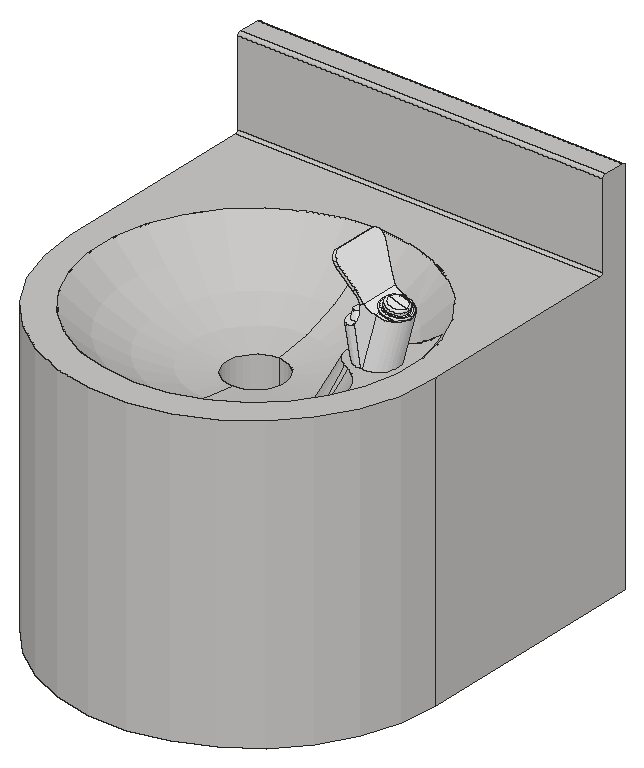
Revit family "rba-bim-rba8901-102", category Plumbing Fixtures, Revit 2018
Family settings
  Round Connector Dimension = Use Diameter
  Part Type = Normal
  Work Plane-Based = No
  Always vertical = Yes
  Cut with Voids When Loaded = No
  Shared = No
  Room Calculation Point = No
Parameters (values of type "RBA8901-102")
  URL = "www.rba.com.au"
  Modified Issue = "20210726.01"
  Height = 320.000 mm
  Model = "RBA8901-102"
  Manufacturer = "RBA Group"  # constant formula
  Description = "Watermarked Lead-Free Drinking Fountain"
  Copyright by = "RBA Group"  # constant formula
  Basin & Housing = Stainless Steel Satin Finish
Reference planes
  plane 1 "Center (Front/Back)": y = 0
  plane 2: z = 0
  plane 3 "Center (Left/Right)": x = 0
  plane 4: z = 75
  plane 5: z = -50
  plane 6: z = -245
  plane 7: x = 60.4
  plane 8: z = -150
  plane 9: z = -5.046
  plane 10: y = -350
Forms (mm)
  Revolve 1, void
    sketch origin (0, -223.224, -149.225) x (0, 1, 0) y (0, 0, 1)
      loop
        line (28.224, -93.775) -> (28.224, 149.225) -> (-101.776, 149.225)
        arc (-101.776, 149.225) -> (-53.732, 113.705) -> (4.224, 99.179) r 153.764
        line (4.224, 99.179) -> (4.224, -93.775) -> (28.224, -93.775)
      axis (28.224, -93.775) -> (28.224, 149.225)
    angle from 0 to 360
  Extrusion 2, solid, material "Stainless Steel Satin Finish" <- "Basin & Housing"
    sketch origin (0, -197.612, -149.225) x (0, 1, 0) y (-1, 0, 0)
      loop
        line (172.612, 152.6) -> (0.112, 152.6)
        arc (0.112, 152.6) -> (-152.388, 0.1) -> (0.112, -152.4) r 152.5
        line (0.112, -152.4) -> (172.612, -152.4) -> (172.612, 152.6)
    from -95.775 to 149.225
  Extrusion 3, solid, material "Stainless Steel Satin Finish" <- "Basin & Housing"
    sketch origin (0, -197.362, -149.225) x (0, -1, 0) y (0, 0, 1)
      loop
        line (-174.724, 151.587) -> (-174.724, 221.863)
        arc (-174.724, 221.863) -> (-175.416, 223.533) -> (-177.086, 224.225) r 2.362
        line (-177.086, 224.225) -> (-195, 224.225)
        arc (-195, 224.225) -> (-196.67, 223.533) -> (-197.362, 221.863) r 2.362
        line (-197.362, 221.863) -> (-197.362, -95.775) -> (-172.362, -95.775) -> (-172.362, 149.225)
        arc (-172.362, 149.225) -> (-174.032, 149.917) -> (-174.724, 151.587) r 2.362
    from -152.4 to 152.6
  SweptBlend 4, solid, material "Stainless Steel Satin Finish" <- "Basin & Housing"
    path origin (0, -195, -245) x (0, -1, 0) y (0, 0, 1)
      loop
        line (-0.112, 239.954) -> (-0.112, 194.954)
    profile origin (0, -194.888, -5.046) x (-1, 0, 0) y (0, -1, 0)
      loop
        arc (-93.474, -21.067) -> (-91.623, -20.386) -> (-89.839, -19.543) r 22.225
        arc (-89.839, -19.543) -> (-77.989, 0.112) -> (-89.839, 19.767) r 22.225
        arc (-89.839, 19.767) -> (-91.623, 20.61) -> (-93.474, 21.291) r 22.225
        arc (-93.474, 21.291) -> (-112.425, 43.353) -> (-108.227, 72.132) r 35.093
        arc (-108.227, 72.132) -> (-130, 0.112) -> (-108.227, -71.908) r 130
        arc (-108.227, -71.908) -> (-112.425, -43.129) -> (-93.474, -21.067) r 35.093
    end profile origin (0, -194.888, -50.046) x (-1, 0, 0) y (0, -1, 0)
      loop
        arc (-96.459, -87.041) -> (-93.907, -63.108) -> (-79.117, -44.119) r 43.89
        arc (-79.117, -44.119) -> (-54.404, 0.112) -> (-79.117, 44.343) r 51.939
        arc (-79.117, 44.343) -> (-93.907, 63.332) -> (-96.459, 87.265) r 43.89
        arc (-96.459, 87.265) -> (-130, 0.112) -> (-96.459, -87.041) r 130
  Sweep 5, solid, material "Stainless Steel Satin Finish" <- "Basin & Housing", not visible
    path origin (0, 140, -245) x (0, 1, 0) y (-1, 0, 0)
      loop
        line (-140, -152.4) -> (-140, 152.6)
    profile origin (-0.1, 0, -245) x (0, -1, 0) y (0, 0, 1)
      loop
        line (0, 0) -> (0, -75) -> (124.845, -1.701)
        arc (124.845, -1.701) -> (127.818, -0.445) -> (131.014, 0) r 12.364
        line (131.014, 0) -> (0, 0)
Cuts and joins
  Revolve 1 cuts Extrusion 2
  joined: Extrusion 2, Extrusion 3, SweptBlend 4
Dimensions and locks
  "Height": plane 4 to plane 6
  cut or joined group of Revolve 1, Extrusion 2, Extrusion 3, SweptBlend 4 to cut or joined group of Revolve 1, Extrusion 2, Extrusion 3, SweptBlend 4 = 305.000 mm
  cut or joined group of Revolve 1, Extrusion 2, Extrusion 3, SweptBlend 4 to cut or joined group of Revolve 1, Extrusion 2, Extrusion 3, SweptBlend 4 = 260.000 mm
  cut or joined group of Revolve 1, Extrusion 2, Extrusion 3, SweptBlend 4 to plane 1 "Center (Front/Back)" = 350.000 mm
  nested 1 to plane 1 "Center (Front/Back)" = 195.000 mm
  plane 4 to level to plane 6 = 75.000 mm, 245.000 mm
  plane 4 to plane 6 = 320.000 mm
  locked: level to plane 9 at 5.046
  locked: plane 9 to SweptBlend 4 sketch curve at 45
  plane 4 to plane 8 = 225.000 mm
  aligned and locked: cut or joined group of Revolve 1, Extrusion 2, Extrusion 3, SweptBlend 4 to plane 6
  aligned and locked: Extrusion 3 to plane 6
  aligned and locked: Sweep 5 sketch curve to plane 1 "Center (Front/Back)"  (x2)
  aligned and locked: Sweep 5 sketch curve to cut or joined group of Revolve 1, Extrusion 2, Extrusion 3, SweptBlend 4  (x2)
  aligned and locked: cut or joined group of Revolve 1, Extrusion 2, Extrusion 3, SweptBlend 4 to Sweep 5 sketch curve
  aligned and locked: plane 9 to nested 1
  aligned and locked: nested 1 to plane 9
  aligned and locked: plane 9 to SweptBlend 4 sketch curve
Automatic sketch dimensions
  plane 1 "Center (Front/Back)" to Revolve 1 sketch curve = 195.000 mm  (x2)
  plane 1 "Center (Front/Back)" to Revolve 1 sketch curve = 211.308 mm
  plane 5 to Revolve 1 sketch curve = 0.046 mm
  plane 1 "Center (Front/Back)" to Revolve 1 sketch curve = 219.000 mm
  Revolve 1 sketch curve to plane 5 = 50.000 mm
  Revolve 1 sketch curve to Revolve 1 sketch curve = 106.000 mm
  Revolve 1 sketch curve to plane 5 = 6.171 mm
  Revolve 1 sketch curve to Revolve 1 sketch curve = 21.261 mm
  plane 1 "Center (Front/Back)" to Extrusion 2 sketch curve = 197.500 mm
  plane 1 "Center (Front/Back)" to Extrusion 2 sketch curve = 25.000 mm
  plane 3 "Center (Left/Right)" to Extrusion 2 sketch curve = 152.400 mm
  Extrusion 2 sketch curve to plane 3 "Center (Left/Right)" = 0.100 mm
  Extrusion 3 sketch curve to plane 6 = 0.000 mm
  Extrusion 3 sketch curve to plane 4 = 0.000 mm
  Extrusion 3 sketch curve to plane 4 = 2.362 mm  (x2)
  Extrusion 3 sketch curve to plane 1 "Center (Front/Back)" = 0.000 mm
  Extrusion 3 sketch curve to Extrusion 3 sketch curve = 17.914 mm
  Extrusion 3 sketch curve to Extrusion 3 sketch curve = 25.000 mm
  Extrusion 3 sketch curve to Extrusion 3 sketch curve = 72.638 mm
  plane 1 "Center (Front/Back)" to SweptBlend 4 sketch curve = 194.888 mm
  SweptBlend 4 sketch curve to SweptBlend 4 sketch curve = 0.000 mm  (x6)
  SweptBlend 4 sketch curve to profile plane = 0.000 mm  (x2)
  SweptBlend 4 sketch curve to profile plane = 78.722 mm  (x2)
  SweptBlend 4 sketch curve to SweptBlend 4 sketch curve = 11.117 mm  (x2)
  SweptBlend 4 sketch curve to profile plane = 19.767 mm
  SweptBlend 4 sketch curve to SweptBlend 4 sketch curve = 3.635 mm  (x2)
  SweptBlend 4 sketch curve to profile plane = 0.112 mm  (x4)
  SweptBlend 4 sketch curve to SweptBlend 4 sketch curve = 6.739 mm
  SweptBlend 4 sketch curve to SweptBlend 4 sketch curve = 29.505 mm  (x2)
  SweptBlend 4 sketch curve to SweptBlend 4 sketch curve = 31.842 mm
  SweptBlend 4 sketch curve to profile plane = 53.213 mm  (x2)
  SweptBlend 4 sketch curve to SweptBlend 4 sketch curve = 25.904 mm  (x2)
  SweptBlend 4 sketch curve to SweptBlend 4 sketch curve = 43.246 mm  (x2)
  SweptBlend 4 sketch curve to SweptBlend 4 sketch curve = 27.226 mm
  profile plane to SweptBlend 4 sketch curve = 44.119 mm
  SweptBlend 4 sketch curve to SweptBlend 4 sketch curve = 35.430 mm
  plane 6 to Revolve 1 sketch curve = 2.000 mm
  Sweep 5 sketch curve to plane 6 = 1.701 mm
  Sweep 5 sketch curve to profile plane = 124.845 mm
  Sweep 5 sketch curve to Sweep 5 sketch curve = 6.260 mm
  Sweep 5 sketch curve to Sweep 5 sketch curve = 6.170 mm
  Sweep 5 sketch curve to Sweep 5 sketch curve = 75.000 mm
Nested families
  nested 1: "RBA8900_Bubbler" at (100.84, -195, -5.046), type "Bubbler"
Connectors
  piping at (0, 0, -245), diameter 80
    settings: on Extrusion 3, index 1, connector inside diameter 80 mm, connector length 0.000 mm, flow factor 0, pipe flow 0.0 L/s, pressure drop 0.0 Pa, fitting loss kfactor 0, connector angle 0.00°, fixture units 0, engagement length 0.000 mm, angle of deflection 0.00°, flow configuration 0, flow direction 2, fitting loss method 0, system type 16, joint type 0, gender type 0, connector reference index -1, connector utility 0, adjustable connector no, is connector primary yes, connector description "40mm BSP"
Definition of nested family "RBA8900_Bubbler"
  Parameters
    URL = "www.rba.com.au"
    Tap Head Satin = no
    Tap Head Polished = yes
    Tap = none
    Model = "Bubbler"
    Manufacturer = "rba"
    Description = ""
    Default Elevation = 1219.200 mm
  Reference planes
    plane 1 "Center (Front/Back)": y = 0
    plane 2: z = 0
    plane 3 "Center (Left/Right)": x = 0
    plane 4: z = 0
  Forms (mm)
    Extrusion 1, void, not visible
      sketch origin (190.394, 16, 54.737) x (0.48481, 0, -0.87462) y (0, -1, 0)
        loop
          arc (-34.602, 33.521) -> (-32.666, 37.951) -> (-28.288, 40) r 6.851
          line (-28.288, 40) -> (-24.456, 40)
          arc (-24.456, 40) -> (-14.588, 37.396) -> (-4.839, 34.375) r 240.547
          arc (-4.839, 34.375) -> (0.295, 32.936) -> (5.544, 32) r 55.094
          line (5.544, 32) -> (5.544, 44.082) -> (-37.297, 44.082) -> (-37.297, -12.879) -> (5.544, -12.879) -> (5.544, 0)
          arc (5.544, 0) -> (0.295, -0.936) -> (-4.839, -2.375) r 55.094
          arc (-4.839, -2.375) -> (-14.588, -5.396) -> (-24.456, -8) r 240.547
          line (-24.456, -8) -> (-28.288, -8)
          arc (-28.288, -8) -> (-32.666, -5.951) -> (-34.602, -1.521) r 6.851
          line (-34.602, -1.521) -> (-34.602, 33.521)
      from 0 to 5.726
    Extrusion 2, void, not visible
      sketch origin (196.613, 16, 45.679) x (-0.965926, 0, 0.258819) y (0, 1, 0)
        loop
          line (15.527, -32) -> (-7.034, -32)
          arc (-7.034, -32) -> (-23.034, -16) -> (-7.034, 0) r 16
          line (-7.034, 0) -> (15.527, 0) -> (15.527, 14.45) -> (-28.034, 14.45) -> (-28.034, -45.534) -> (15.527, -45.534) -> (15.527, -32)
      from -6.887 to 62.035
    Extrusion 3, solid, material <- "Tap", not visible
      sketch origin (0, 24, 0) x (1, 0, 0) y (0, 0, 1)
        loop
          arc (201.92, 44.257) -> (197.068, 46.392) -> (193.082, 49.888) r 17.425
          line (193.082, 49.888) -> (189.386, 47.84)
          arc (189.386, 47.84) -> (189.518, 41.776) -> (188.076, 35.885) r 23.232
          arc (188.076, 35.885) -> (185.093, 31.314) -> (180.521, 28.331) r 13.267
          line (180.521, 28.331) -> (168.461, 26.204) -> (173.081, 0) -> (210.42, 0) -> (218.863, 39.717) -> (201.92, 44.257)
      from 0 to 48
    Extrusion 4, void, not visible
      sketch origin (168.461, 24, 26.204) x (-0.984808, 0, -0.173648) y (0, 1, 0)
        loop
          line (-18.589, 5.61) -> (-18.589, -8) -> (-16, -8)
          arc (-16, -8) -> (0, -24) -> (-16, -40) r 16
          line (-16, -40) -> (-18.589, -40) -> (-18.589, -50) -> (21, -50) -> (21, 5.61) -> (-18.589, 5.61)
      from -11.774 to 50.524
    Extrusion 5, solid, material <- "Tap", not visible
      sketch origin (0, 24, 0) x (1, 0, 0) y (0, 0, 1)
        loop
          line (193.082, 49.888) -> (173.619, 85) -> (170.995, 83.546) -> (188.076, 52.731)
          arc (188.076, 52.731) -> (188.865, 50.321) -> (189.386, 47.84) r 23.232
          line (189.386, 47.84) -> (193.082, 49.888)
      from 0 to 48
    Revolve 6, solid, material <- "Tap", not visible
      sketch origin (189.454, 0, -21.888) x (-0.965926, 0, 0.258819) y (0.258819, 0, 0.965926)
        loop
          line (-12.461, 67.118) -> (0, 67.118) -> (0, 73.342) -> (-7.686, 73.342)
          arc (-7.686, 73.342) -> (-8.765, 72.895) -> (-9.211, 71.817) r 1.525
          line (-9.211, 71.817) -> (-9.211, 69.618)
          arc (-9.211, 69.618) -> (-9.358, 69.265) -> (-9.711, 69.118) r 0.5
          line (-9.711, 69.118) -> (-11.461, 69.118)
          arc (-11.461, 69.118) -> (-12.168, 68.825) -> (-12.461, 68.118) r 1
          line (-12.461, 68.118) -> (-12.461, 67.118)
        axis (0, 67.118) -> (0, 73.342)
      angle from 0 to 360
    Blend 7, solid, material <- "Tap", not visible
      base sketch origin (168.461, 24, 26.204) x (0.984808, 0, 0.173648) y (0, 1, 0)
        loop
          circle (9.56, -24) r 7
      top sketch origin (168.461, 24, 26.204) x (0.984808, 0, 0.173648) y (0, 1, 0)
        loop
          circle (9.56, -24) r 5
      from 0 to 6
    Extrusion 8, void
      sketch origin (-0.098, 16, 54.737) x (0.48481, 0, -0.87462) y (0, -1, 0)
        loop
          arc (-34.602, 33.521) -> (-32.666, 37.951) -> (-28.288, 40) r 6.851
          line (-28.288, 40) -> (-24.456, 40)
          arc (-24.456, 40) -> (-14.588, 37.396) -> (-4.839, 34.375) r 240.547
          arc (-4.839, 34.375) -> (0.295, 32.936) -> (5.544, 32) r 55.094
          line (5.544, 32) -> (5.544, 44.082) -> (-37.297, 44.082) -> (-37.297, -12.879) -> (5.544, -12.879) -> (5.544, 0)
          arc (5.544, 0) -> (0.295, -0.936) -> (-4.839, -2.375) r 55.094
          arc (-4.839, -2.375) -> (-14.588, -5.396) -> (-24.456, -8) r 240.547
          line (-24.456, -8) -> (-28.288, -8)
          arc (-28.288, -8) -> (-32.666, -5.951) -> (-34.602, -1.521) r 6.851
          line (-34.602, -1.521) -> (-34.602, 33.521)
      from 0 to 5.726
    Extrusion 9, void
      sketch origin (6.121, 16, 45.679) x (-0.965926, 0, 0.258819) y (0, 1, 0)
        loop
          line (15.527, -32) -> (-7.034, -32)
          arc (-7.034, -32) -> (-23.034, -16) -> (-7.034, 0) r 16
          line (-7.034, 0) -> (15.527, 0) -> (15.527, 14.45) -> (-28.034, 14.45) -> (-28.034, -45.534) -> (15.527, -45.534) -> (15.527, -32)
      from -6.887 to 62.035
    Extrusion 10, solid, material <- "Tap"
      sketch origin (-190.492, 24, 0) x (1, 0, 0) y (0, 0, 1)
        loop
          arc (201.92, 44.257) -> (197.068, 46.392) -> (193.082, 49.888) r 17.425
          line (193.082, 49.888) -> (189.386, 47.84)
          arc (189.386, 47.84) -> (189.518, 41.776) -> (188.076, 35.885) r 23.232
          arc (188.076, 35.885) -> (185.093, 31.314) -> (180.521, 28.331) r 13.267
          line (180.521, 28.331) -> (168.461, 26.204) -> (173.081, 0) -> (210.42, 0) -> (218.863, 39.717) -> (201.92, 44.257)
      from 0 to 48
    Extrusion 11, void
      sketch origin (-22.031, 24, 26.204) x (-0.984808, 0, -0.173648) y (0, 1, 0)
        loop
          line (-18.589, 5.61) -> (-18.589, -8) -> (-16, -8)
          arc (-16, -8) -> (0, -24) -> (-16, -40) r 16
          line (-16, -40) -> (-18.589, -40) -> (-18.589, -50) -> (21, -50) -> (21, 5.61) -> (-18.589, 5.61)
      from -11.774 to 50.524
    Extrusion 12, solid, material <- "Tap"
      sketch origin (-190.492, 24, 0) x (1, 0, 0) y (0, 0, 1)
        loop
          line (193.082, 49.888) -> (173.619, 85) -> (170.995, 83.546) -> (188.076, 52.731)
          arc (188.076, 52.731) -> (188.865, 50.321) -> (189.386, 47.84) r 23.232
          line (189.386, 47.84) -> (193.082, 49.888)
      from 0 to 48
    Revolve 13, solid, material <- "Tap"
      sketch origin (-1.038, 0, -21.888) x (-0.965926, 0, 0.258819) y (0.258819, 0, 0.965926)
        loop
          line (-12.461, 67.118) -> (0, 67.118) -> (0, 73.342) -> (-7.686, 73.342)
          arc (-7.686, 73.342) -> (-8.765, 72.895) -> (-9.211, 71.817) r 1.525
          line (-9.211, 71.817) -> (-9.211, 69.618)
          arc (-9.211, 69.618) -> (-9.358, 69.265) -> (-9.711, 69.118) r 0.5
          line (-9.711, 69.118) -> (-11.461, 69.118)
          arc (-11.461, 69.118) -> (-12.168, 68.825) -> (-12.461, 68.118) r 1
          line (-12.461, 68.118) -> (-12.461, 67.118)
        axis (0, 67.118) -> (0, 73.342)
      angle from 0 to 360
    Blend 14, solid, material <- "Tap"
      base sketch origin (-22.031, 24, 26.204) x (0.984808, 0, 0.173648) y (0, 1, 0)
        loop
          circle (9.56, -24) r 7
      top sketch origin (-22.031, 24, 26.204) x (0.984808, 0, 0.173648) y (0, 1, 0)
        loop
          circle (9.56, -24) r 5
      from 0 to 6
  Cuts and joins
    Extrusion 8, Extrusion 9, Extrusion 11 cuts Extrusion 10
    Extrusion 8 cuts Extrusion 12
  Lines and regions (mm)
    symbolic lines
      curve 1: line (0, 0, 2.805) -> (0, 0, -47.195)
